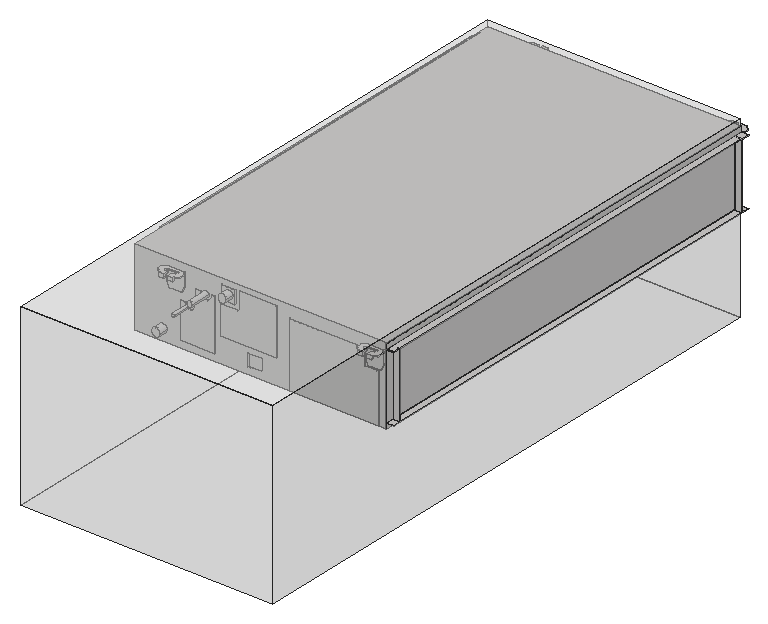
Revit family "outputfile", category 機械設備, Revit 2024
Family settings
  丸型コネクタ寸法 = 半径を使用
  パーツ タイプ = 標準
  OmniClass 番号 = 23.75.10.24.21.27.27
  OmniClass タイトル = Split System Air Conditioning Units
  作業面ベース = いいえ
  常に垂直 = はい
  ロード時にボイドで切り取り = いいえ
  注釈の向きを維持 = いいえ
  共有 = いいえ
  部屋計算ポイント = はい
Parameters (values of type "FBA140BVMA8")
  製造元 = "Daikin"
  書き出し IFC クラス(タイプ) = "IfcUnitaryEquipmentType"
  定義済み IFC タイプ(タイプ) = "AIRCONDITIONINGUNIT"
  モデル = "FBA140BVMA8"
  switch_frequency = yes
  r_Liquid Pipe Size = Liquid Pipe Size / 2  # 4.75 mm
  r_Gas Pipe Size = Gas Pipe Size / 2  # 7.95 mm
  r_Drain Pipe Size = Drain Pipe Size / 2  # 12.5 mm
  lw_power = 770.0 mm  # constant formula
  lh_SA = 138.0 mm  # constant formula
  lw_SA = if(Width = 550.0 mm, 225.0 mm, if(Width = 700.0 mm, 300.0 mm, if(Width = 1000.0 mm, 450.0 mm, if(Width = 1400.0 mm, 650.0 mm, 725.0 mm))))  # 650.0 mm
  lw_RA = if(Width = 550.0 mm, 275.0 mm, if(Width = 700.0 mm, 349.0 mm, if(Width = 1000.0 mm, 499.0 mm, if(Width = 1400.0 mm, 699.0 mm, 775.0 mm))))  # 699.0 mm
  lh_power = 60.0 mm + [h***]  # 60.0 mm
  lh_mountinghole1 = lh_mountinghole + [h***]  # 222.0 mm
  lh_RA = 123.0 mm  # constant formula
  ld_power = Width / 2  # 700.0 mm
  connector_voltage = Voltage_50Hz  # 230 V
  connector_powerinput = [Power Input (Cooling)]  # 4.280 kW
  connector_phase = Phase_50Hz  # 1
  Voltage_comment_60Hz = "220-230"
  Voltage_comment_50Hz = "220-240"
  Voltage_60Hz = 220 V
  Voltage_50Hz = 230 V
  Total Heating Capacity [instance] = 0.000 kW
  Supply Air Direction [instance] = yes
  Sound Power Level_H speed (dB) = 68
  Power Input (Heating) = 4.520 kW
  Phase_60Hz = 1
  Phase_50Hz = 1
  Nominal Heating Capacity = 16.500 kW
  Minimum External Static Pressure = 50.00 Pa
  Maximum External Static Pressure = 150.00 Pa
  Material_Casing = DAIKIN_GalvanizedSteel_Casing_indoorunit
  lw_mountinghole = 630.0 mm  # constant formula
  lh_gaspipe = 183.0 mm + [h***]  # 183.0 mm
  lh_mountinghole = 222.0 mm  # constant formula
  lh_liquidpipe = 136.0 mm + [h***]  # 136.0 mm
  lh_drainpipe = 207.0 mm + [h***]  # 207.0 mm
  lh_antena = Height - lh_mountinghole + 1.0 mm  # 24.0 mm
  ld_drainpipe = Width / 2 + 26.0 mm  # 726.0 mm
  ld_liquidpipe = Width / 2 + 69.0 mm  # 769.0 mm
  ld_gaspipe = Width / 2 + 65.0 mm  # 765.0 mm
  ld_mountinghole = Width + 38.0 mm  # 1438.0 mm
  h*** = 0.0 mm  # constant formula
  lw_liquidpipe = 179.0 mm  # constant formula
  lw_gaspipe = 229.0 mm  # constant formula
  lw_drainpipe = 300.0 mm  # constant formula
  Width = 1400.0 mm
  Version = "ver.1.0"
  Unit Type = "Duct"
  Unit Mass Weight = 47.00 kg
  Unit Designation [instance] = ""
  Uniclass2015Version = "Products v1.30"
  Uniclass2015Title = "Split coil room air conditioning units"
  Uniclass2015Code = "Pr_70_65_03_86"
  Total Cooling Capacity [instance] = 0.000 kW
  Sound Pressure Level_M speed (dBA) = 37.5
  Sound Pressure Level_L speed (dBA) = 35
  Sound Pressure Level_H speed (dBA) = 40
  Series = "SkyAir_Fan Coil Unit"
  Sensible Cooling Capacity [instance] = 0.000 kW
  SA Duct Size Width = 1192.0 mm
  SA Duct Size Height = 176.0 mm
  Refrigerant Type = "R32"
  RA Duct Size Width = 1352.0 mm
  RA Duct Size Height = 208.0 mm
  Power Input (Cooling) = 4.280 kW
  Option Accessory 3 [instance] = ""
  Option Accessory 2 [instance] = ""
  Option Accessory 1 [instance] = ""
  Nominal Cooling Capacity = 14.000 kW
  Minimum Airflow = 1500.00 m³/h
  Median Airflow = 1830.00 m³/h
  Maximum Airflow = 2160.00 m³/h
  Load Classification = HVAC
  Liquid Pipe Size = 9.5 mm
  Link_Nested Family [instance] = ""
  IfcVersion = ""
  IfcExportType = "AIRCONDITIONINGUNIT"
  IfcExportAs = "IfcUnitaryEquipmentType"
  Height = 245.0 mm
  Heating Entering Wet Bulb Temperature [instance] = -273.15 °C
  Heating Entering Dry Bulb Temperature [instance] = -273.15 °C
  Heating Ambient Wet Bulb Temperature [instance] = -273.15 °C
  Heating Ambient Dry Bulb Temperature [instance] = -273.15 °C
  Heat Exchanger Type = "Cross Fin Coil"
  Gas Pipe Size = 15.9 mm
  Frequency_60Hz = 60 Hz
  Frequency_50Hz = 50 Hz
  Fan Type = "Sirocco Fan"
  Fan Drive = "Direct Drive"
  FCU Tag No. [instance] = ""
  Drain Pipe Size = 25.0 mm
  Design Supply Airflow [instance] = 0.00 m³/h
  Design Return Airflow [instance] = 0.00 m³/h
  Design External Static Pressure [instance] = 0.00 Pa
  Depth = 800.0 mm
  既定の高さ = 0.0 mm
  Cooling Entering Wet Bulb Temperature [instance] = 0.00 °C
  Cooling Entering Dry Bulb Temperature [instance] = 0.00 °C
  Cooling Ambient Wet Bulb Temperature [instance] = 0.00 °C
  Cooling Ambient Dry Bulb Temperature [instance] = 0.00 °C
  Clearance visibility [instance] = yes
  Clearance Top = 20.0 mm
  Clearance Right = 0.0 mm
  Clearance Rear = 0.0 mm
  Clearance Left = 0.0 mm
  Clearance Front = 450.0 mm
  Clearance Bottom = 300.0 mm
Reference planes
  plane 1 "Center (Front/Back)": y = 0
  plane 2 "h": z = 0
  plane 3 "Center (Left/Right)": x = 0
  plane 4 "Back": y = 700
  plane 5 "Front": y = -700
  plane 6 "Left": x = -400
  plane 7 "Right": x = 400
  plane 8 "Top": z = 0
  plane 9 "Bottom": z = -245
  plane 10: y = -215
  plane 11: y = 700
  plane 12: y = -1150
  plane 13: x = -400
  plane 14: x = 400
  plane 15: z = 20
  plane 16: z = -545
  plane 17: x = -400
  plane 18: x = -399
  plane 19: x = 399
  plane 20: y = 50
  plane 21: y = -1
  plane 22: z = -122
  plane 23: y = -701
  plane 24: z = -109
  plane 25: x = -221
  plane 26: y = -765
  plane 27: z = -62
  plane 28: x = -171
  plane 29: y = -726
  plane 30: z = -38
  plane 31: x = -100
  plane 32: x = -100
  plane 33: x = -221
  plane 34: x = -171
  plane 35: x = 370
  plane 36: x = -266
  plane 37: x = 364
  plane 38: y = -719
  plane 39: y = 719
  plane 40: z = -23
  plane 41: z = -107
  plane 42: y = -769
  plane 43: z = -207
  plane 44: x = -309
  plane 45: y = -376
  plane 46: x = -251
  plane 47: x = -203
  plane 48: x = -144
  plane 49: z = -59
  plane 50: z = -106
  plane 51: z = -221
  plane 52: z = -109
  plane 53: x = -221
  plane 54: z = -62
  plane 55: x = -171
  plane 56: z = -17
  plane 57: z = -59
  plane 58: x = -121
  plane 59: x = -79
  plane 60: x = -125
  plane 61: x = -64
  plane 62: x = 53
  plane 63: z = -164
  plane 64: z = -73
  plane 65: z = -16
  plane 66: x = 93.5
  plane 67: x = 374.5
  plane 68: x = 330
  plane 69: z = -88.5
  plane 70: z = -38
  plane 71: z = -242.5
  plane 72: x = -38.5
  plane 73: x = 6.5
  plane 74: z = -181
  plane 75: z = -221
  plane 76: y = -699
  plane 77: x = -424
  plane 78: x = 424
Forms (mm)
  Extrusion 1, solid, material "DAIKIN_GalvanizedSteel_Casing_indoorunit" <- "Material_Casing"
    sketch origin (0, 0, 0) x (1, 0, 0) y (0, 1, 0)
      loop
        line (-399, 700) -> (-399, -700) -> (399, -700) -> (399, 700) -> (-399, 700)
    from -245 to 0
  Extrusion 2, solid, material "DAIKIN_GalvanizedSteel_Casing_indoorunit" <- "Material_Casing"
    sketch origin (0, 0, 0) x (1, 0, 0) y (0, 0, 1)
      loop
        line (-251, -221) -> (-144, -221) -> (-144, -59) -> (-154.47, -59)
        arc (-154.47, -59) -> (-171, -78.8) -> (-187.53, -59) r 16.8
        line (-187.53, -59) -> (-203, -59) -> (-203, -106) -> (-206.916, -106)
        arc (-206.916, -106) -> (-221, -123.4) -> (-235.084, -106) r 14.4
        line (-235.084, -106) -> (-251, -106) -> (-251, -221)
    from 700 to 701
  Extrusion 3, solid, material "DAIKIN_GalvanizedSteel_Casing_indoorunit" <- "Material_Casing"
    sketch origin (0, 0, 0) x (1, 0, 0) y (0, 0, 1)
      loop
        line (-121, -17) -> (-121, -59) -> (-79, -59) -> (-79, -17) -> (-121, -17)
      loop
        line (-125, -73) -> (-125, -164) -> (53, -164) -> (53, -16) -> (-64, -16) -> (-64, -73) -> (-125, -73)
    from 700 to 701
  Extrusion 4, solid, material "DAIKIN_GalvanizedSteel_Casing_indoorunit" <- "Material_Casing"
    sketch origin (0, 0, 0) x (1, 0, 0) y (0, 0, 1)
      loop
        line (93.5, -38) -> (93.5, -242.5) -> (374.5, -242.5) -> (374.5, -88.5) -> (330, -88.5) -> (330, -38) -> (93.5, -38)
    from 700 to 701
  Extrusion 5, solid, material "DAIKIN_GalvanizedSteel_Casing_indoorunit" <- "Material_Casing"
    sketch origin (0, 0, 0) x (1, 0, 0) y (0, 0, 1)
      loop
        circle (-221, -109) r 4.75
    from 700 to 769
  Extrusion 6, solid, material "DAIKIN_GalvanizedSteel_Casing_indoorunit" <- "Material_Casing"
    sketch origin (0, 0, 0) x (1, 0, 0) y (0, 0, 1)
      loop
        circle (-171, -62) r 7.95
    from 700 to 765
  Extrusion 7, solid, material "DAIKIN_GalvanizedSteel_Casing_indoorunit" <- "Material_Casing"
    sketch origin (0, 0, 0) x (1, 0, 0) y (0, 0, 1)
      loop
        circle (-100, -38) r 12.5
    from 701 to 726
  Extrusion 8, solid, material "DAIKIN_GalvanizedSteel_Casing_indoorunit" <- "Material_Casing"
    sketch origin (0, 0, 0) x (1, 0, 0) y (0, 0, 1)
      loop
        circle (-309, -207) r 13
    from 700 to 726
  Extrusion 9, void
    sketch origin (0, 0, 0) x (1, 0, 0) y (0, 0, 1)
      loop
        line (-38.5, -181) -> (-38.5, -221) -> (6.5, -221) -> (6.5, -181) -> (-38.5, -181)
    from 699 to 700
Cuts and joins
  Extrusion 9 cuts Extrusion 1
Dimensions and locks
  "Height": plane 8 "Top" to plane 9 "Bottom"
  equal spacing: plane 4 "Back", plane 1 "Center (Front/Back)", plane 5 "Front"
  "Width": plane 4 "Back" to plane 5 "Front"
  equal spacing: plane 6 "Left", plane 3 "Center (Left/Right)", plane 7 "Right"
  "Depth": plane 6 "Left" to plane 7 "Right"
  "Clearance Left": plane 13 to plane 6 "Left"
  "Clearance Right": plane 7 "Right" to plane 14
  "Clearance Rear": plane 11 to plane 4 "Back"
  "Clearance Front": plane 5 "Front" to plane 12
  "Clearance Top": plane 15 to plane 8 "Top"
  "Clearance Bottom": plane 9 "Bottom" to plane 16
  locked: plane 17 to plane 18 at 1
  locked: plane 19 to plane 14 at 1
  "lw_SA": plane 11 to plane 20
  "lw_RA": plane 21 to plane 5 "Front"
  "lh_RA": plane 22 to plane 9 "Bottom"
  locked: plane 5 "Front" to plane 23 at 1
  "lw_liquidpipe": plane 25 to plane 6 "Left"
  "lh_liquidpipe": plane 24 to plane 9 "Bottom"
  "lh_gaspipe": plane 27 to plane 9 "Bottom"
  "lw_gaspipe": plane 28 to plane 6 "Left"
  "ld_gaspipe": plane 26 to plane 1 "Center (Front/Back)"
  "ld_drainpipe": plane 29 to plane 1 "Center (Front/Back)"
  "lh_drainpipe": plane 30 to plane 9 "Bottom"
  "lw_drainpipe": plane 31 to plane 6 "Left"
  "lw_drainpipe": plane 6 "Left" to plane 32
  "lw_liquidpipe": plane 6 "Left" to plane 33
  "lw_gaspipe": plane 6 "Left" to plane 34
  "lw_power": plane 6 "Left" to plane 35
  locked: plane 17 to plane 36 at 134
  "lw_mountinghole": plane 36 to plane 37
  equal spacing: plane 38, plane 1 "Center (Front/Back)", plane 39
  "ld_mountinghole": plane 39 to plane 38
  "lh_mountinghole": plane 40 to plane 9 "Bottom"
  "lh_SA": plane 41 to plane 9 "Bottom"
  locked: plane 44 to plane 6 "Left" at 91
  locked: plane 43 to plane 9 "Bottom" at 38
  plane 48 to plane 47 to plane 46 to plane 6 "Left" = 59.0 mm, 48.0 mm, 149.0 mm
  plane 8 "Top" to plane 49 to plane 50 to plane 51 = 59.0 mm locked, 47.0 mm locked, 115.0 mm locked
  plane 55 to plane 53 to plane 6 "Left" = 50.0 mm locked, 179.0 mm locked
  plane 54 to plane 52 to plane 9 "Bottom" = 47.0 mm locked, 136.0 mm locked
  plane 59 to plane 58 to plane 6 "Left" = 42.0 mm locked, 279.0 mm locked
  plane 8 "Top" to plane 56 to plane 57 = 17.0 mm locked, 42.0 mm locked
  plane 62 to plane 61 to plane 60 to plane 6 "Left" = 117.0 mm, 61.0 mm, 275.0 mm
  plane 8 "Top" to plane 65 to plane 64 = 16.0 mm locked, 57.0 mm locked
  locked: plane 65 to plane 63 at 148
  plane 8 "Top" to plane 70 to plane 69 to plane 71 = 38.0 mm locked, 50.5 mm locked, 154.0 mm locked
  plane 67 to plane 68 to plane 66 to plane 6 "Left" = 44.5 mm locked, 236.5 mm locked, 493.5 mm locked
  plane 8 "Top" to plane 74 to plane 75 = 181.0 mm locked, 40.0 mm locked
  plane 73 to plane 72 to plane 6 "Left" = 45.0 mm, 361.5 mm
  locked: plane 76 to plane 5 "Front" at 1
  locked: plane 77 to plane 17 at 24
  locked: plane 14 to plane 78 at 24
  "ld_liquidpipe": plane 42 to plane 1 "Center (Front/Back)"
  "r_Liquid Pipe Size": radius of Extrusion 5 sketch curve
  "r_Gas Pipe Size": radius of Extrusion 6 sketch curve
  "r_Drain Pipe Size": radius of Extrusion 7 sketch curve
  aligned and locked: level to plane 2 "h"
  aligned and locked: plane 8 "Top" to Extrusion 1
  aligned and locked: Extrusion 1 to plane 9 "Bottom"
  aligned and locked: nested 5 to plane 12
  aligned and locked: plane 13 to nested 5
  aligned and locked: plane 14 to nested 5
  aligned and locked: nested 5 to plane 13
  aligned and locked: plane 11 to nested 5
  aligned and locked: plane 15 to nested 5
  aligned and locked: plane 16 to nested 5
  aligned and locked: plane 5 "Front" to Extrusion 1 sketch curve
  aligned and locked: Extrusion 1 to plane 18
  aligned and locked: plane 19 to Extrusion 1
  aligned and locked: nested 7 to plane 18
  aligned and locked: nested 7 to plane 20
  aligned and locked: plane 19 to nested 8
  aligned and locked: plane 21 to nested 8
  aligned and locked: plane 22 to nested 8
  aligned and locked: Extrusion 2 to plane 23
  aligned and locked: plane 5 "Front" to Extrusion 2
  aligned and locked: Extrusion 3 to plane 23
  aligned and locked: plane 5 "Front" to Extrusion 3
  aligned and locked: plane 5 "Front" to Extrusion 4
  aligned and locked: Extrusion 5 sketch curve to plane 25
  aligned and locked: plane 24 to Extrusion 5 sketch curve
  aligned and locked: plane 5 "Front" to Extrusion 5
  aligned and locked: Extrusion 6 sketch curve to plane 28
  aligned and locked: plane 27 to Extrusion 6 sketch curve
  aligned and locked: plane 5 "Front" to Extrusion 6
  aligned and locked: Extrusion 7 sketch curve to plane 31
  aligned and locked: Extrusion 7 sketch curve to plane 30
  aligned and locked: Extrusion 7 to plane 29
  aligned and locked: plane 23 to Extrusion 7
  aligned and locked: nested 3 to plane 29
  aligned and locked: nested 3 to plane 32
  aligned and locked: nested 2 to plane 33
  aligned and locked: nested 1 to plane 34
  aligned and locked: Extrusion 6 to plane 26
  aligned and locked: nested 1 to plane 26
  aligned and locked: nested 6 to plane 5 "Front"
  aligned and locked: nested 6 to plane 35
  aligned and locked: plane 36 to nested 10
  aligned and locked: nested 10 to plane 5 "Front"
  aligned and locked: plane 37 to nested 9
  aligned and locked: nested 9 to plane 5 "Front"
  aligned and locked: nested 11 to plane 36
  aligned and locked: plane 4 "Back" to nested 11
  aligned and locked: nested 12 to plane 37
  aligned and locked: plane 4 "Back" to nested 12
  aligned and locked: plane 40 to nested 10
  aligned and locked: plane 40 to nested 11
  aligned and locked: plane 40 to nested 9
  aligned and locked: plane 40 to nested 12
  aligned and locked: plane 36 to nested 14
  aligned and locked: nested 14 to plane 39
  aligned and locked: plane 37 to nested 13
  aligned and locked: nested 13 to plane 39
  aligned and locked: plane 37 to nested 16
  aligned and locked: plane 38 to nested 16
  aligned and locked: plane 38 to nested 15
  aligned and locked: plane 36 to nested 15
  aligned and locked: plane 17 to plane 6 "Left"
  aligned and locked: plane 41 to nested 7
  aligned and locked: Extrusion 5 to plane 42
  aligned and locked: nested 2 to plane 42
  aligned and locked: Extrusion 8 sketch curve to plane 44
  aligned and locked: plane 43 to Extrusion 8 sketch curve
  aligned and locked: plane 5 "Front" to Extrusion 8
  aligned and locked: Extrusion 3 sketch curve to plane 56
  aligned and locked: Extrusion 3 sketch curve to plane 58
  aligned and locked: plane 57 to Extrusion 3 sketch curve
  aligned and locked: plane 59 to Extrusion 3 sketch curve
  aligned and locked: Extrusion 4 to plane 23
  aligned and locked: Extrusion 9 sketch curve to plane 74
  aligned and locked: plane 75 to Extrusion 9 sketch curve
  aligned and locked: plane 73 to Extrusion 9 sketch curve
  aligned and locked: plane 5 "Front" to Extrusion 9
  aligned and locked: plane 76 to Extrusion 9
  aligned and locked: nested 17 to plane 20
  aligned and locked: nested 17 to plane 77
  aligned and locked: plane 21 to nested 18
  aligned and locked: plane 78 to nested 18
  aligned and locked: plane 41 to nested 17
  aligned and locked: nested 18 to plane 22
  aligned and locked: nested 4 to plane 3 "Center (Left/Right)"
  aligned and locked: plane 1 "Center (Front/Back)" to nested 4
  aligned and locked: level to plane 8 "Top"
  aligned and locked: Extrusion 8 to plane 29
Automatic sketch dimensions
  plane 6 "Left" to Extrusion 1 sketch curve = 1.0 mm
  Extrusion 1 sketch curve to plane 7 "Right" = 1.0 mm
  Extrusion 1 sketch curve to plane 4 "Back" = 0.0 mm
  Extrusion 2 sketch curve to plane 46 = 0.0 mm
  Extrusion 2 sketch curve to plane 33 = 0.0 mm
  Extrusion 2 sketch curve to plane 47 = 0.0 mm
  Extrusion 2 sketch curve to plane 34 = 0.0 mm
  Extrusion 2 sketch curve to plane 48 = 0.0 mm
  Extrusion 2 sketch curve to plane 51 = 0.0 mm
  Extrusion 2 sketch curve to plane 52 = 0.0 mm
  Extrusion 2 sketch curve to plane 50 = 0.0 mm  (x3)
  Extrusion 2 sketch curve to plane 54 = 0.0 mm
  Extrusion 2 sketch curve to plane 49 = 0.0 mm  (x3)
  plane 33 to Extrusion 2 sketch curve = 14.084 mm
  plane 34 to Extrusion 2 sketch curve = 16.53 mm
  Extrusion 3 sketch curve to plane 60 = 0.0 mm
  Extrusion 3 sketch curve to plane 61 = 0.0 mm
  Extrusion 3 sketch curve to plane 62 = 0.0 mm
  Extrusion 3 sketch curve to plane 63 = 0.0 mm
  Extrusion 3 sketch curve to plane 64 = 0.0 mm
  Extrusion 3 sketch curve to plane 65 = 0.0 mm
  Extrusion 4 sketch curve to plane 66 = 0.0 mm
  Extrusion 4 sketch curve to plane 68 = 0.0 mm
  Extrusion 4 sketch curve to plane 67 = 0.0 mm
  Extrusion 4 sketch curve to plane 71 = 0.0 mm
  Extrusion 4 sketch curve to plane 69 = 0.0 mm
  Extrusion 4 sketch curve to plane 70 = 0.0 mm
  Extrusion 9 sketch curve to plane 72 = 0.0 mm
  radius of Extrusion 8 sketch curve = 13.0 mm
Nested families
  nested 1: "daikin_connector_rotate2" at (-171, 0, -62), length <- "ld_gaspipe", built-in parameter 1001364 <- "lh_gaspipe", radius <- "r_Gas Pipe Size", type "daikin_connector_rotate2"
    with radius 7.95 mm, length 765.0 mm, angle_vertical 90.00°
  nested 2: "daikin_connector_rotate2" at (-221, 0, -109), length <- "ld_liquidpipe", built-in parameter 1001364 <- "lh_liquidpipe", radius <- "r_Liquid Pipe Size", type "daikin_connector_rotate2"
    with radius 4.75 mm, length 769.0 mm, angle_vertical 90.00°
  nested 3: "daikin_connector_rotate2" at (-100, 0, -38), length <- "ld_drainpipe", built-in parameter 1001364 <- "lh_drainpipe", radius <- "r_Drain Pipe Size", type "daikin_connector_rotate2"
    with radius 12.5 mm, length 726.0 mm, angle_vertical 90.00°
  nested 4: "daikin_△_symbolicline" at (0, 0, 245) x (0, -1, 0) z (0, 0, 1), built-in parameter 1001364 <- "Height", visible <- "Supply Air Direction", type "daikin_△_symbolicline"
    with length 200.0 mm
  nested 5: "daikin_clearancespace" at (0, -225, -262.381), visible <- "Clearance visibility", show <- "Clearance visibility", Link_Nested Family <- "Link_Nested Family", type "daikin_clearancespace"
    with width 800.0 mm, show yes, height 565.0 mm, depth 1850.0 mm, Link_Nested Family ""
  nested 6: "daikin_connector_rotate2" at (370, 0, -185), built-in parameter 1001364 <- "lh_power", length <- "ld_power", type "daikin_connector_rotate2"
    with radius 10.0 mm, length 700.0 mm, angle_vertical 90.00°
  nested 7: "daikin_ductflange_FBA-BVMA8_2" at (-399, 50, -107) x (0, -1, 0) z (0, 0, 1), type "daikin_ductflange_FBA-BVMA8_2"
  nested 8: "daikin_ductflange_FBA-BVMA8" at (399, -1, -122) x (0, 1, 0) z (0, 0, 1), type "daikin_ductflange_FBA-BVMA8"
    with width 1352.0 mm, lw 25.0 mm, w 1400.0 mm
  nested 9: "daikin_hangerfixture_FBA-BVMA8" at (364, -700, -23), type "daikin_hangerfixture_FBA-BVMA8"
  nested 10: "daikin_hangerfixture_FBA-BVMA8" at (-266, -700, -23), type "daikin_hangerfixture_FBA-BVMA8"
  nested 11: "daikin_hangerfixture_FBA-BVMA8" at (-266, 700, -23) x (-1, 0, 0) z (0, 0, 1), type "daikin_hangerfixture_FBA-BVMA8"
  nested 12: "daikin_hangerfixture_FBA-BVMA8" at (364, 700, -23) x (-1, 0, 0) z (0, 0, 1), type "daikin_hangerfixture_FBA-BVMA8"
  nested 13: "daikin_mountinghole" at (364, 719, -245), h_mountinghole <- "lh_mountinghole1", l_antenna <- "lh_antena", Link_Nested Family <- "Link_Nested Family", type "daikin_mountinghole"
    with show yes, l_antenna 24.0 mm, h_mountinghole 222.0 mm, Link_Nested Family ""
  nested 14: "daikin_mountinghole" at (-266, 719, -245), h_mountinghole <- "lh_mountinghole1", l_antenna <- "lh_antena", Link_Nested Family <- "Link_Nested Family", type "daikin_mountinghole"
    with show yes, l_antenna 24.0 mm, h_mountinghole 222.0 mm, Link_Nested Family ""
  nested 15: "daikin_mountinghole" at (-266, -719, -245), h_mountinghole <- "lh_mountinghole1", l_antenna <- "lh_antena", Link_Nested Family <- "Link_Nested Family", type "daikin_mountinghole"
    with show yes, l_antenna 24.0 mm, h_mountinghole 222.0 mm, Link_Nested Family ""
  nested 16: "daikin_mountinghole" at (364, -719, -245), h_mountinghole <- "lh_mountinghole1", l_antenna <- "lh_antena", Link_Nested Family <- "Link_Nested Family", type "daikin_mountinghole"
    with show yes, l_antenna 24.0 mm, h_mountinghole 222.0 mm, Link_Nested Family ""
  nested 17: "daikin_connector_rotate2" at (-400, 50, -107) x (0, -1, 0) z (0, 0, 1), type "daikin_connector_rotate2"
    with radius 10.0 mm, length 24.0 mm, angle_vertical 90.00°
  nested 18: "daikin_connector_rotate2" at (400, -1, -122) x (0, 1, 0) z (0, 0, 1), type "daikin_connector_rotate2"
    with radius 10.0 mm, length 24.0 mm, angle_vertical 90.00°
Connectors
  piping at (-100, -726, -38), diameter 25, driven by "r_Drain Pipe Size"
    settings: on nested 3, index 3, connector inside diameter 609.6 mm, connector length 0.0 mm, flow factor 0, pipe flow 0.00 m³/h, pressure drop 0.0 Pa, fitting loss kfactor 0, connector angle 0.00°, fixture units 0, engagement length 0.0 mm, angle of deflection 0.00°, flow configuration 1, flow direction 2, fitting loss method 4, system type 16, joint type 0, gender type 0, connector reference index -1, connector utility 0, adjustable connector no, is connector primary yes, connector description "Condensate Drain Piping"
  piping at (-171, -765, -62), diameter 15.9, driven by "r_Gas Pipe Size"
    settings: on nested 1, index 4, connector inside diameter 609.6 mm, connector length 0.0 mm, flow factor 0, pipe flow 0.00 m³/h, pressure drop 0.0 Pa, fitting loss kfactor 0, connector angle 0.00°, fixture units 0, engagement length 0.0 mm, angle of deflection 0.00°, flow configuration 1, flow direction 2, fitting loss method 0, system type 29, joint type 0, gender type 0, connector reference index -1, connector utility 0, adjustable connector no, is connector primary no, connector description "Refrigerant Gas Piping"
  piping at (-221, -769, -109), diameter 9.5, driven by "r_Liquid Pipe Size"
    settings: on nested 2, index 5, connector inside diameter 609.6 mm, connector length 0.0 mm, flow factor 0, pipe flow 0.00 m³/h, pressure drop 0.0 Pa, fitting loss kfactor 0, connector angle 0.00°, fixture units 0, engagement length 0.0 mm, angle of deflection 0.00°, flow configuration 1, flow direction 1, fitting loss method 0, system type 29, joint type 0, gender type 0, connector reference index -1, connector utility 0, adjustable connector no, is connector primary no, connector description "Refrigerant Liquid Piping"
  electrical at (370, -700, -185), driven by "Load Classification", driven by "connector_voltage", driven by "connector_phase", driven by "connector_powerinput"
    settings: on nested 6, index 6, voltage 230 V, apparent load 4280 VA, apparent load phase1 0 VA, apparent load phase2 0 VA, apparent load phase3 0 VA, power factor 1, load classification "HVAC", number of poles 1, system type 30, power factor state 1, is connector primary yes, connector utility no, sub classification motor no, connector description "Power Supply"
  hvac at (-424, 50, -107), driven by "SA Duct Size Height", driven by "SA Duct Size Width"
    settings: on nested 17, index 7, duct flow 0.00 m³/h, flow factor 0, pres drop 0.00 Pa, loss coef 0, conn angle 0.00°, conn width 1192.0 mm, conn height 176.0 mm, conn diameter 609.6 mm, duct sys type 1, conn prof type 1, flow config 0, flow direction 2, loss method 4, conn ref index -1, conn util no, is conn primary yes, conn desc "SA Duct"
  hvac at (424, -1, -122), driven by "RA Duct Size Height", driven by "RA Duct Size Width"
    settings: on nested 18, index 8, duct flow 0.00 m³/h, flow factor 0, pres drop 0.00 Pa, loss coef 0, conn angle 0.00°, conn width 1352.0 mm, conn height 208.0 mm, conn diameter 609.6 mm, duct sys type 2, conn prof type 1, flow config 0, flow direction 1, loss method 4, conn ref index -1, conn util no, is conn primary no, conn desc "RA Duct"
Definition of nested family "daikin_clearancespace"
  Parameters (values of type "daikin_clearancespace")
    Description = "daikin_clearancespace"
    width [instance] = 1823.963 mm
    show [instance] = yes
    material = none
    height [instance] = 1359.762 mm
    depth [instance] = 880.0 mm
    Default Elevation = 0.0 mm
    Link_Nested Family [instance] = ""
  Reference planes
    plane 1 "Center (Front/Back)": y = 0
    plane 2 "Center (Elevation)": z = -0.119
    plane 3 "Center (Left/Right)": x = 0
    plane 4: y = 440
    plane 5: y = -440
    plane 6 "Right": x = 911.982
    plane 7 "Left": x = -911.982
    plane 8 "Top": z = 679.762
    plane 9 "Bottom": z = -680
  Forms (mm)
    Extrusion 1, solid, material <- "material", visible <- "show"
      sketch origin (0, 0, 0) x (1, 0, 0) y (0, 1, 0)
        loop
          line (-911.982, 440) -> (-911.982, -440) -> (911.982, -440) -> (911.982, 440) -> (-911.982, 440)
      from -680 to 679.762
  Lines and regions (mm)
    symbolic lines, visible <- "show"
      curve 1: line (911.982, 440, 0) -> (-911.982, 440, 0)
      curve 2: line (-911.982, 440, 0) -> (-911.982, -440, 0)
      curve 3: line (-911.982, -440, 0) -> (911.982, -440, 0)
      curve 4: line (911.982, -440, 0) -> (911.982, 440, 0)
      curve 5: line (911.982, 0, 679.762) -> (-911.982, 0, 679.762)
      curve 6: line (911.982, 0, -680) -> (911.982, 0, 679.762)
      curve 7: line (-911.982, 0, -680) -> (911.982, 0, -680)
      curve 8: line (-911.982, 0, 679.762) -> (-911.982, 0, -680)
      curve 9: line (0, 440, 679.762) -> (0, -440, 679.762)
      curve 10: line (0, -440, 679.762) -> (0, -440, -680)
      curve 11: line (0, 440, -680) -> (0, 440, 679.762)
      curve 12: line (0, -440, -680) -> (0, 440, -680)
  Dimensions and locks
    "width": plane 7 "Left" to plane 6 "Right"
    "depth": plane 4 to plane 5
    "height": plane 8 "Top" to plane 9 "Bottom"
    equal spacing: plane 7 "Left", plane 3 "Center (Left/Right)", plane 6 "Right"
    equal spacing: plane 4, plane 1 "Center (Front/Back)", plane 5
    equal spacing: plane 8 "Top", plane 2 "Center (Elevation)", plane 9 "Bottom"
    aligned and locked: level to plane 2 "Center (Elevation)"
    aligned and locked: Extrusion 1 sketch curve to plane 4
    aligned and locked: plane 7 "Left" to Extrusion 1 sketch curve
    aligned and locked: Extrusion 1 sketch curve to plane 5
    aligned and locked: Extrusion 1 sketch curve to plane 6 "Right"
    aligned and locked: plane 8 "Top" to Extrusion 1
    aligned and locked: curve 1 to Extrusion 1
    aligned and locked: curve 2 to Extrusion 1
    aligned and locked: curve 3 to Extrusion 1
    aligned and locked: curve 4 to Extrusion 1
    aligned and locked: curve 5 to Extrusion 1
    aligned and locked: curve 6 to Extrusion 1
    aligned and locked: curve 7 to Extrusion 1
    aligned and locked: curve 8 to Extrusion 1
    aligned and locked: curve 9 to Extrusion 1
    aligned and locked: curve 10 to Extrusion 1
    aligned and locked: curve 11 to Extrusion 1
    aligned and locked: curve 12 to Extrusion 1
    aligned and locked: Extrusion 1 to plane 9 "Bottom"
Definition of nested family "daikin_ductflange_FBA-BVMA8_2"
  Parameters (values of type "daikin_ductflange_FBFC-DVMG2")
    width = if(w = 550.0 mm, 337.0 mm, if(w = 700.0 mm, 492.0 mm, if(w = 1000.0 mm, 792.0 mm, if(w = 1400.0 mm, 1192.0 mm, 1337.0 mm))))  # 1192.0 mm
    material = none
    height = 215.0 mm
    depth = 1.0 mm
    w = 1400.0 mm
    Default Elevation = 0.0 mm
  Reference planes
    plane 1 "Center (Front/Back)": y = 0
    plane 2: z = 0
    plane 3 "Center (Left/Right)": x = 0
    plane 4: z = 88
    plane 5: z = -88
    plane 6: y = -25
    plane 7: z = 106
    plane 8: z = 89
    plane 9: y = -1
    plane 10: x = -617.5
    plane 11: x = 617.5
    plane 12: z = -106
    plane 13: z = -89
    plane 14: y = -1
    plane 15: x = 596
    plane 16: x = -596
    plane 17: x = 597
    plane 18: z = 87
    plane 19: z = -87
    plane 20: x = -597
    plane 21: z = 87
    plane 22: z = -87
    plane 23: y = -1
  Forms (mm)
    Extrusion 1, solid, material <- "material"
      sketch origin (0, 0, 0) x (0, 1, 0) y (0, 0, 1)
        loop
          line (-25, 88) -> (0, 88) -> (0, 106) -> (-1, 106) -> (-1, 89) -> (-25, 89) -> (-25, 88)
      from -617.5 to 617.5
    Extrusion 2, solid, material <- "material"
      sketch origin (0, 0, 0) x (0, 1, 0) y (0, 0, 1)
        loop
          line (-25, -88) -> (-25, -89) -> (-1, -89) -> (-1, -106) -> (0, -106) -> (0, -88) -> (-25, -88)
      from -617.5 to 617.5
    Extrusion 3, solid, material <- "material"
      sketch origin (0, 0, 0) x (1, 0, 0) y (0, 0, 1)
        loop
          line (596, 88) -> (596, -88) -> (617.5, -88) -> (617.5, -87) -> (597, -87) -> (597, 87) -> (617.5, 87) -> (617.5, 88) -> (596, 88)
      from 0 to 25
    Extrusion 4, solid, material <- "material"
      sketch origin (0, 0, 0) x (1, 0, 0) y (0, 0, 1)
        loop
          line (-617.5, 88) -> (-617.5, 87) -> (-597, 87) -> (-597, -87) -> (-617.5, -87) -> (-617.5, -88) -> (-596, -88) -> (-596, 88) -> (-617.5, 88)
      from 0 to 25
    Extrusion 5, solid, material <- "material"
      sketch origin (0, 0, 0) x (1, 0, 0) y (0, 0, 1)
        loop
          line (-617.5, 88) -> (-617.5, -88) -> (-596, -88) -> (-596, 88) -> (-617.5, 88)
        loop
          line (617.5, 88) -> (596, 88) -> (596, -88) -> (617.5, -88) -> (617.5, 88)
      from 0 to 1
  Cuts and joins
    joined: Extrusion 1, Extrusion 2, Extrusion 3, Extrusion 4, Extrusion 5
  Dimensions and locks
    plane 4 to level to plane 5 = 88.0 mm, 88.0 mm
    locked: plane 6 to plane 1 "Center (Front/Back)" at 25
    locked: plane 9 to plane 1 "Center (Front/Back)" at 1
    locked: plane 8 to plane 4 at 1
    locked: plane 16 to plane 10 at 21.5
    locked: plane 17 to plane 15 at 1
    locked: plane 4 to plane 18 at 1
    locked: plane 19 to plane 5 at 1
    "width": plane 15 to plane 16
    plane 4 to plane 5 = 176.0 mm
    locked: plane 16 to plane 20 at 1
    locked: plane 4 to plane 21 at 1
    locked: plane 22 to plane 5 at 1
    locked: plane 23 to plane 1 "Center (Front/Back)" at 1
    plane 4 to level to plane 5 = 88.0 mm locked, 88.0 mm locked
    locked: plane 5 to plane 13 at 1
    locked: plane 5 to plane 12 at 18
    locked: plane 7 to plane 4 at 18
    equal spacing: plane 15, plane 3 "Center (Left/Right)", plane 16
    locked: plane 11 to plane 15 at 21.5
    plane 11 to plane 10 = 1235.0 mm
    aligned and locked: level to plane 2
    aligned and locked: Extrusion 1 to plane 10
    aligned and locked: plane 11 to Extrusion 1
    aligned and locked: plane 5 to Extrusion 2
    aligned and locked: Extrusion 2 to plane 1 "Center (Front/Back)"
    aligned and locked: plane 15 to Extrusion 3 sketch curve
    aligned and locked: Extrusion 3 sketch curve to Extrusion 2  (x2)
    aligned and locked: Extrusion 3 sketch curve to plane 11
    aligned and locked: plane 6 to Extrusion 3
    aligned and locked: Extrusion 2 to plane 10
    aligned and locked: plane 11 to Extrusion 2
    aligned and locked: Extrusion 4 sketch curve to Extrusion 1  (x2)
    aligned and locked: plane 5 to Extrusion 4 sketch curve
    aligned and locked: Extrusion 4 sketch curve to plane 16
    aligned and locked: Extrusion 4 sketch curve to plane 22
    aligned and locked: plane 20 to Extrusion 4 sketch curve
    aligned and locked: plane 21 to Extrusion 4 sketch curve
    aligned and locked: Extrusion 4 to plane 1 "Center (Front/Back)"
    aligned and locked: plane 6 to Extrusion 4
    aligned and locked: Extrusion 5 sketch curve to Extrusion 1  (x4)
    aligned and locked: Extrusion 5 sketch curve to Extrusion 4  (x2)
    aligned and locked: Extrusion 5 sketch curve to Extrusion 3  (x2)
    aligned and locked: Extrusion 5 to plane 1 "Center (Front/Back)"
    aligned and locked: plane 23 to Extrusion 5
  Automatic sketch dimensions
    Extrusion 1 sketch curve to plane 6 = 0.0 mm
    Extrusion 1 sketch curve to plane 7 = 0.0 mm
    Extrusion 1 sketch curve to plane 9 = 0.0 mm
    Extrusion 1 sketch curve to plane 1 "Center (Front/Back)" = 0.0 mm
    Extrusion 1 sketch curve to plane 4 = 0.0 mm
    Extrusion 1 sketch curve to plane 8 = 0.0 mm
    Extrusion 2 sketch curve to plane 6 = 0.0 mm
    plane 12 to Extrusion 2 sketch curve = 0.0 mm
    Extrusion 2 sketch curve to plane 14 = 0.0 mm
    Extrusion 2 sketch curve to plane 1 "Center (Front/Back)" = 0.0 mm
    plane 13 to Extrusion 2 sketch curve = 0.0 mm
    Extrusion 2 sketch curve to plane 5 = 0.0 mm
    Extrusion 3 sketch curve to plane 17 = 0.0 mm
    Extrusion 3 sketch curve to plane 19 = 0.0 mm
    Extrusion 3 sketch curve to plane 18 = 0.0 mm
    Extrusion 3 sketch curve to plane 4 = 0.0 mm
    Extrusion 4 sketch curve to plane 10 = 0.0 mm
Definition of nested family "daikin_ductflange_FBA-BVMA8"
  Parameters (values of type "daikin_ductflange_FBFC-DVMG")
    width = if(w = 550.0 mm, 502.0 mm, if(w = 700.0 mm, 654.0 mm, if(w = 1000.0 mm, 952.0 mm, if(w = 1400.0 mm, 1352.0 mm, 1502.0 mm))))  # 654.0 mm
    material = none
    lw = if(width = 654.0 mm, 23.0 mm, 25.0 mm)  # 23.0 mm
    height = 208.0 mm
    depth = 1.0 mm
    w = 700.0 mm
    Default Elevation = 0.0 mm
  Reference planes
    plane 1 "Center (Front/Back)": y = 0
    plane 2: z = 0
    plane 3 "Center (Left/Right)": x = 0
    plane 4: z = 104
    plane 5: z = -104
    plane 6: y = -25
    plane 7: z = 121
    plane 8: z = 105
    plane 9: y = -1
    plane 10: x = -350
    plane 11: x = 350
    plane 12: z = -122
    plane 13: z = -105
    plane 14: y = -1
    plane 15: x = 327
    plane 16: x = -327
    plane 17: x = 328
    plane 18: z = 103
    plane 19: z = -103
    plane 20: x = -328
    plane 21: z = 103
    plane 22: z = -103
    plane 23: y = -1
  Forms (mm)
    Extrusion 1, solid, material <- "material"
      sketch origin (0, 0, 0) x (0, 1, 0) y (0, 0, 1)
        loop
          line (-25, 104) -> (0, 104) -> (0, 121) -> (-1, 121) -> (-1, 105) -> (-25, 105) -> (-25, 104)
      from -350 to 350
    Extrusion 2, solid, material <- "material"
      sketch origin (0, 0, 0) x (0, 1, 0) y (0, 0, 1)
        loop
          line (-25, -104) -> (-25, -105) -> (-1, -105) -> (-1, -122) -> (0, -122) -> (0, -104) -> (-25, -104)
      from -350 to 350
    Extrusion 3, solid, material <- "material"
      sketch origin (0, 0, 0) x (1, 0, 0) y (0, 0, 1)
        loop
          line (327, 104) -> (327, -104) -> (350, -104) -> (350, -103) -> (328, -103) -> (328, 103) -> (350, 103) -> (350, 104) -> (327, 104)
      from 0 to 25
    Extrusion 4, solid, material <- "material"
      sketch origin (0, 0, 0) x (1, 0, 0) y (0, 0, 1)
        loop
          line (-350, 104) -> (-350, 103) -> (-328, 103) -> (-328, -103) -> (-350, -103) -> (-350, -104) -> (-327, -104) -> (-327, 104) -> (-350, 104)
      from 0 to 25
    Extrusion 5, solid, material <- "material"
      sketch origin (0, 0, 0) x (1, 0, 0) y (0, 0, 1)
        loop
          line (-350, 104) -> (-350, -104) -> (-327, -104) -> (-327, 104) -> (-350, 104)
        loop
          line (350, 104) -> (327, 104) -> (327, -104) -> (350, -104) -> (350, 104)
      from 0 to 1
  Cuts and joins
    joined: Extrusion 1, Extrusion 2, Extrusion 3, Extrusion 4, Extrusion 5
  Dimensions and locks
    plane 4 to level to plane 5 = 104.0 mm, 104.0 mm
    locked: plane 6 to plane 1 "Center (Front/Back)" at 25
    locked: plane 9 to plane 1 "Center (Front/Back)" at 1
    locked: plane 8 to plane 4 at 1
    "lw": plane 11 to plane 15
    "lw": plane 16 to plane 10
    locked: plane 17 to plane 15 at 1
    locked: plane 4 to plane 18 at 1
    locked: plane 19 to plane 5 at 1
    "width": plane 15 to plane 16
    equal spacing: plane 15, plane 3 "Center (Left/Right)", plane 16
    locked: plane 16 to plane 20 at 1
    locked: plane 4 to plane 21 at 1
    locked: plane 22 to plane 5 at 1
    locked: plane 23 to plane 1 "Center (Front/Back)" at 1
    locked: plane 7 to plane 4 at 17
    locked: plane 1 "Center (Front/Back)" to plane 14 at 1
    locked: plane 5 to plane 13 at 1
    "height": plane 4 to plane 5
    plane 11 to plane 10 = 700.0 mm
    locked: plane 12 to plane 13 at 17
    equal spacing: plane 4, level, plane 5
    aligned and locked: level to plane 2
    aligned and locked: Extrusion 1 to plane 10
    aligned and locked: plane 11 to Extrusion 1
    aligned and locked: plane 5 to Extrusion 2
    aligned and locked: Extrusion 2 to plane 1 "Center (Front/Back)"
    aligned and locked: plane 15 to Extrusion 3 sketch curve
    aligned and locked: Extrusion 3 sketch curve to Extrusion 2  (x2)
    aligned and locked: Extrusion 3 sketch curve to plane 11
    aligned and locked: plane 6 to Extrusion 3
    aligned and locked: Extrusion 2 to plane 10
    aligned and locked: plane 11 to Extrusion 2
    aligned and locked: Extrusion 4 sketch curve to Extrusion 1  (x2)
    aligned and locked: plane 5 to Extrusion 4 sketch curve
    aligned and locked: Extrusion 4 sketch curve to plane 16
    aligned and locked: Extrusion 4 sketch curve to plane 22
    aligned and locked: plane 20 to Extrusion 4 sketch curve
    aligned and locked: plane 21 to Extrusion 4 sketch curve
    aligned and locked: Extrusion 4 to plane 1 "Center (Front/Back)"
    aligned and locked: plane 6 to Extrusion 4
    aligned and locked: Extrusion 5 sketch curve to Extrusion 1  (x4)
    aligned and locked: Extrusion 5 sketch curve to Extrusion 4  (x2)
    aligned and locked: Extrusion 5 sketch curve to Extrusion 3  (x2)
    aligned and locked: Extrusion 5 to plane 1 "Center (Front/Back)"
    aligned and locked: plane 23 to Extrusion 5
  Automatic sketch dimensions
    Extrusion 1 sketch curve to plane 6 = 0.0 mm
    Extrusion 1 sketch curve to plane 7 = 0.0 mm
    Extrusion 1 sketch curve to plane 9 = 0.0 mm
    Extrusion 1 sketch curve to plane 1 "Center (Front/Back)" = 0.0 mm
    Extrusion 1 sketch curve to plane 4 = 0.0 mm
    Extrusion 1 sketch curve to plane 8 = 0.0 mm
    Extrusion 2 sketch curve to plane 6 = 0.0 mm
    plane 12 to Extrusion 2 sketch curve = 0.0 mm
    Extrusion 2 sketch curve to plane 14 = 0.0 mm
    Extrusion 2 sketch curve to plane 1 "Center (Front/Back)" = 0.0 mm
    plane 13 to Extrusion 2 sketch curve = 0.0 mm
    Extrusion 2 sketch curve to plane 5 = 0.0 mm
    Extrusion 3 sketch curve to plane 17 = 0.0 mm
    Extrusion 3 sketch curve to plane 19 = 0.0 mm
    Extrusion 3 sketch curve to plane 18 = 0.0 mm
    Extrusion 3 sketch curve to plane 4 = 0.0 mm
    Extrusion 4 sketch curve to plane 10 = 0.0 mm
Definition of nested family "daikin_hangerfixture_FBA-BVMA8"
  Parameters (values of type "daikin_hangerfixture_FXMQ-PAVE")
    width = 72.0 mm
    material = none
    height = 60.0 mm
    depth = 41.0 mm
    Default Elevation = 0.0 mm
  Reference planes
    plane 1 "Center (Front/Back)": y = 0
    plane 2: z = 0
    plane 3 "Center (Left/Right)": x = 0
    plane 4: y = 417.146
    plane 5: y = -41
    plane 6: x = -36
    plane 7: x = 36
    plane 8: z = -2.3
    plane 9: z = -60
    plane 10: y = -2.3
    plane 11: z = -12
    plane 12: y = -38.7
  Forms (mm)
    Extrusion 1, solid, material <- "material"
      sketch origin (0, 0, 0) x (1, 0, 0) y (0, 1, 0)
        loop
          line (-28, 0) -> (-28, -5)
          arc (-28, -5) -> (-29.127, -8.162) -> (-32, -9.899) r 5
          arc (-32, -9.899) -> (-34.873, -11.636) -> (-36, -14.798) r 5
          line (-36, -14.798) -> (-36, -27.178)
          arc (-36, -27.178) -> (-35.429, -29.499) -> (-33.846, -31.289) r 5
          line (-33.846, -31.289) -> (-23, -38.798) -> (-23, -41.098) -> (-6.5, -41.098) -> (-6.5, -28.498)
          arc (-6.5, -28.498) -> (-7.379, -26.377) -> (-9.5, -25.498) r 3
          line (-9.5, -25.498) -> (-13.5, -25.498)
          arc (-13.5, -25.498) -> (-20, -18.998) -> (-13.5, -12.498) r 6.5
          line (-13.5, -12.498) -> (13.5, -12.498)
          arc (13.5, -12.498) -> (20, -18.998) -> (13.5, -25.498) r 6.5
          line (13.5, -25.498) -> (9.5, -25.498)
          arc (9.5, -25.498) -> (7.379, -26.377) -> (6.5, -28.498) r 3
          line (6.5, -28.498) -> (6.5, -41.098) -> (23, -41.098) -> (23, -38.798) -> (33.846, -31.289)
          arc (33.846, -31.289) -> (35.429, -29.499) -> (36, -27.178) r 5
          line (36, -27.178) -> (36, -14.596)
          arc (36, -14.596) -> (34.873, -11.434) -> (32, -9.697) r 5
          arc (32, -9.697) -> (29.127, -7.96) -> (28, -4.798) r 5
          line (28, -4.798) -> (28, 0) -> (-28, 0)
      from 0 to -2.3
    Extrusion 2, solid, material <- "material"
      sketch origin (0, 0, 0) x (1, 0, 0) y (0, 0, 1)
        loop
          line (28, -39.037) -> (28, 0) -> (-28, 0) -> (-28, -39.037)
          arc (-28, -39.037) -> (-27.91, -39.983) -> (-27.642, -40.894) r 5
          line (-27.642, -40.894) -> (-21.257, -56.857)
          arc (-21.257, -56.857) -> (-19.418, -59.14) -> (-16.615, -60) r 5
          line (-16.615, -60) -> (16.615, -60)
          arc (16.615, -60) -> (19.418, -59.14) -> (21.257, -56.857) r 5
          line (21.257, -56.857) -> (27.642, -40.894)
          arc (27.642, -40.894) -> (27.91, -39.983) -> (28, -39.037) r 5
      from 0 to 2.3
    Extrusion 3, solid, material <- "material"
      sketch origin (0, 0, 0) x (1, 0, 0) y (0, 0, 1)
        loop
          line (-23, 0) -> (-23, -9)
          arc (-23, -9) -> (-22.121, -11.121) -> (-20, -12) r 3
          line (-20, -12) -> (-9.5, -12)
          arc (-9.5, -12) -> (-7.379, -11.121) -> (-6.5, -9) r 3
          line (-6.5, -9) -> (-6.5, 0) -> (-23, 0)
        loop
          line (23, 0) -> (6.5, 0) -> (6.5, -9)
          arc (6.5, -9) -> (7.379, -11.121) -> (9.5, -12) r 3
          line (9.5, -12) -> (20, -12)
          arc (20, -12) -> (22.121, -11.121) -> (23, -9) r 3
          line (23, -9) -> (23, 0)
      from 38.8 to 41.098
  Cuts and joins
    joined: Extrusion 1, Extrusion 2, Extrusion 3
  Dimensions and locks
    plane 2 to plane 8 = 2.3 mm
    "height": plane 2 to plane 9
    locked: plane 10 to plane 1 "Center (Front/Back)" at 2.3
    locked: plane 2 to plane 11 at 12
    locked: plane 12 to plane 5 at 2.3
    aligned and locked: level to plane 2
    aligned and locked: Extrusion 1 to plane 8
    aligned and locked: plane 2 to Extrusion 1
    aligned and locked: plane 2 to Extrusion 2 sketch curve
    aligned and locked: Extrusion 2 to plane 10
    aligned and locked: Extrusion 2 to plane 1 "Center (Front/Back)"
    aligned and locked: Extrusion 3 sketch curve to cut or joined group of Extrusion 1, Extrusion 2, Extrusion 3  (x3)
    aligned and locked: cut or joined group of Extrusion 1, Extrusion 2, Extrusion 3 to Extrusion 3
  Automatic sketch dimensions
    Extrusion 2 sketch curve to plane 7 = 8.0 mm
    Extrusion 2 sketch curve to plane 8 = 36.737 mm
    plane 6 to Extrusion 2 sketch curve = 19.385 mm
    Extrusion 1 sketch curve to plane 6 = 0.0 mm
    plane 1 "Center (Front/Back)" to Extrusion 1 sketch curve = 0.0 mm
    Extrusion 1 sketch curve to plane 7 = 0.0 mm
    plane 6 to Extrusion 1 sketch curve = 2.154 mm
    plane 6 to Extrusion 1 sketch curve = 3.0 mm
    Extrusion 1 sketch curve to Extrusion 1 sketch curve = 5.0 mm  (x3)
    Extrusion 1 sketch curve to plane 12 = 0.098 mm  (x2)
    Extrusion 1 sketch curve to Extrusion 1 sketch curve = 4.0 mm  (x2)
    Extrusion 1 sketch curve to plane 5 = 0.098 mm  (x2)
    Extrusion 1 sketch curve to plane 3 "Center (Left/Right)" = 6.5 mm
    plane 3 "Center (Left/Right)" to Extrusion 1 sketch curve = 6.5 mm
    Extrusion 1 sketch curve to Extrusion 1 sketch curve = 3.0 mm
    Extrusion 1 sketch curve to plane 7 = 8.0 mm
    Extrusion 1 sketch curve to plane 7 = 5.0 mm
    Extrusion 1 sketch curve to plane 7 = 3.0 mm
    Extrusion 1 sketch curve to plane 7 = 2.154 mm
    plane 12 to Extrusion 1 sketch curve = 7.411 mm  (x2)
    plane 12 to Extrusion 1 sketch curve = 10.202 mm  (x2)
    Extrusion 1 sketch curve to Extrusion 1 sketch curve = 6.5 mm  (x2)
    Extrusion 1 sketch curve to Extrusion 1 sketch curve = 12.38 mm
    Extrusion 1 sketch curve to plane 10 = 12.296 mm
    Extrusion 1 sketch curve to plane 10 = 2.7 mm
    Extrusion 1 sketch curve to plane 10 = 2.498 mm
    plane 6 to Extrusion 1 sketch curve = 4.0 mm
    Extrusion 1 sketch curve to Extrusion 1 sketch curve = 0.0 mm  (x2)
    Extrusion 1 sketch curve to plane 7 = 4.0 mm
    Extrusion 1 sketch curve to Extrusion 1 sketch curve = 4.111 mm
    Extrusion 3 sketch curve to level = 0.0 mm  (x2)
    Extrusion 3 sketch curve to plane 11 = 0.0 mm  (x2)
    plane 11 to Extrusion 3 sketch curve = 3.0 mm  (x2)
    plane 3 "Center (Left/Right)" to Extrusion 3 sketch curve = 6.5 mm
    Extrusion 3 sketch curve to Extrusion 3 sketch curve = 3.0 mm  (x2)
    Extrusion 2 sketch curve to plane 9 = 0.0 mm
    Extrusion 2 sketch curve to Extrusion 2 sketch curve = 11.385 mm
    plane 6 to Extrusion 2 sketch curve = 8.0 mm
    plane 9 to Extrusion 2 sketch curve = 20.963 mm
    Extrusion 2 sketch curve to Extrusion 2 sketch curve = 5.0 mm  (x2)
    plane 9 to Extrusion 2 sketch curve = 3.143 mm  (x3)
    Extrusion 2 sketch curve to Extrusion 2 sketch curve = 4.642 mm  (x2)
    Extrusion 2 sketch curve to Extrusion 2 sketch curve = 0.0 mm  (x2)
    Extrusion 2 sketch curve to Extrusion 2 sketch curve = 0.358 mm
    Extrusion 2 sketch curve to Extrusion 2 sketch curve = 1.857 mm  (x2)
Definition of nested family "daikin_connector_rotate2"
  Parameters (values of type "daikin_connector_rotate2")
    Default Elevation = 1219.2 mm
    show_face = no
    radius [instance] = 10.0 mm
    length [instance] = 600.0 mm
    d_surface = 10.0 mm
    angle_vertical [instance] = 90.00°
  Reference planes
    plane 1 "Center (Front/Back)": y = 0
    plane 2: z = 0
    plane 3 "Center (Left/Right)": x = 0
  Forms (mm)
    Extrusion 1, solid, visible <- "show_face"
      sketch origin (0, -600, 0) x (1, 0, 0) y (0, 0, 1)
        loop
          circle (0, 0) r 10
      from 0 to -10
  Lines and regions (mm)
    reference lines
      curve 1: line (0, 0, 0) -> (0, -600, 0)
    symbolic lines
      curve 2: circle (0, 0, 0) r 5 normal (0, 0, 1)
    model lines, visible <- "show_face"
      curve 3: line (0, 0, 0) -> (0, -600, 0)
  Dimensions and locks
    "length": curve 1 to curve 1
    "length": curve 3 to curve 3
    "d_surface": Extrusion 1 to Extrusion 1
    "radius": radius of Extrusion 1 sketch curve
    "angle_vertical": angle curve 1 to plane 1 "Center (Front/Back)"
    "angle_vertical": angle curve 3 to plane 1 "Center (Front/Back)"
    aligned and locked: level to plane 2
    aligned and locked: plane 1 "Center (Front/Back)" to curve 1
    aligned and locked: plane 2 to curve 1
    aligned and locked: plane 1 "Center (Front/Back)" to curve 2
    aligned and locked: plane 3 "Center (Left/Right)" to curve 2
    aligned and locked: plane 1 "Center (Front/Back)" to curve 3
    aligned and locked: plane 2 to curve 3
    aligned and locked: Extrusion 1 to Extrusion 1
  Automatic sketch dimensions
    Extrusion 1 sketch curve to level = 0.0 mm
    Extrusion 1 sketch curve to plane 3 "Center (Left/Right)" = 0.0 mm
    radius of curve 2 = 5.0 mm
Definition of nested family "daikin_△_symbolicline"
  Parameters (values of type "daikin_△_symbolicline")
    length [instance] = 200.0 mm
    Default Elevation = 0.0 mm
  Reference planes
    plane 1 "Center (Front/Back)": y = 0
    plane 2: z = 0
    plane 3 "Center (Left/Right)": x = 0
  Lines and regions (mm)
    symbolic lines
      curve 1: line (0, -173.205, 0) -> (100, 0, 0)
      curve 2: line (100, 0, 0) -> (-100, 0, 0)
      curve 3: line (-100, 0, 0) -> (0, -173.205, 0)
  Dimensions and locks
    equal spacing: curve 3, plane 3 "Center (Left/Right)", curve 2
    "length": curve 3 to curve 2
    "length": curve 3 to curve 3
    "length": curve 1 to curve 1
    aligned and locked: level to plane 2
    aligned and locked: curve 2 to plane 1 "Center (Front/Back)"
    aligned and locked: plane 3 "Center (Left/Right)" to curve 3
Definition of nested family "daikin_mountinghole"
  Parameters (values of type "daikin_mountinghole")
    Default Elevation = 1219.2 mm
    Type Comments = "mountinghole"
    show [instance] = yes
    material = none
    l_centerline = 100.0 mm
    l_antenna [instance] = 100.0 mm
    h_mountinghole [instance] = 0.0 mm
    d_circle = 30.0 mm
    Link_Nested Family [instance] = ""
  Reference planes
    plane 1 "Center (Front/Back)": y = 0
    plane 2: z = 0
    plane 3 "Center (Left/Right)": x = 0
    plane 4: y = 50
    plane 5: x = -50
    plane 6: x = 50
    plane 7: y = -50
    plane 8 "h_mountinghole": z = 0
    plane 9: z = 100
  Lines and regions (mm)
    model lines, detail levels fine
      curve 1: circle (0, 0, 0) r 15 normal (0, 0, 1)
      curve 2: line (-50, 0, 0) -> (50, 0, 0)
      curve 3: line (0, 50, 0) -> (0, -50, 0)
    symbolic lines, detail levels fine
      curve 4: circle (0, 0, 0) r 15 normal (0, 0, 1)
      curve 5: line (-50, 0, 0) -> (50, 0, 0)
      curve 6: line (0, 50, 0) -> (0, -50, 0)
    model lines
      curve 7: line (0, 0, 100) -> (0, 0, 0)
  Dimensions and locks
    equal spacing: plane 4, plane 1 "Center (Front/Back)", plane 7
    "l_centerline": plane 4 to plane 7
    equal spacing: plane 5, plane 3 "Center (Left/Right)", plane 6
    "l_centerline": plane 5 to plane 6
    "l_antenna": plane 9 to plane 8 "h_mountinghole"
    "h_mountinghole": plane 8 "h_mountinghole" to plane 2
    "d_circle": diameter of curve 1
    "d_circle": diameter of curve 4
    aligned and locked: level to plane 2
    aligned and locked: plane 1 "Center (Front/Back)" to curve 1
    aligned and locked: plane 3 "Center (Left/Right)" to curve 1
    aligned and locked: plane 1 "Center (Front/Back)" to curve 2
    aligned and locked: curve 3 to plane 3 "Center (Left/Right)"
    aligned and locked: plane 6 to curve 2
    aligned and locked: plane 5 to curve 2
    aligned and locked: plane 4 to curve 3
    aligned and locked: plane 7 to curve 3
    aligned and locked: plane 1 "Center (Front/Back)" to curve 4
    aligned and locked: plane 3 "Center (Left/Right)" to curve 4
    aligned and locked: plane 6 to curve 5
    aligned and locked: plane 5 to curve 5
    aligned and locked: plane 1 "Center (Front/Back)" to curve 5
    aligned and locked: plane 4 to curve 6
    aligned and locked: plane 7 to curve 6
    aligned and locked: curve 6 to plane 3 "Center (Left/Right)"
    aligned and locked: curve 7 to plane 3 "Center (Left/Right)"
    aligned and locked: plane 9 to curve 7
    aligned and locked: plane 8 "h_mountinghole" to curve 7
